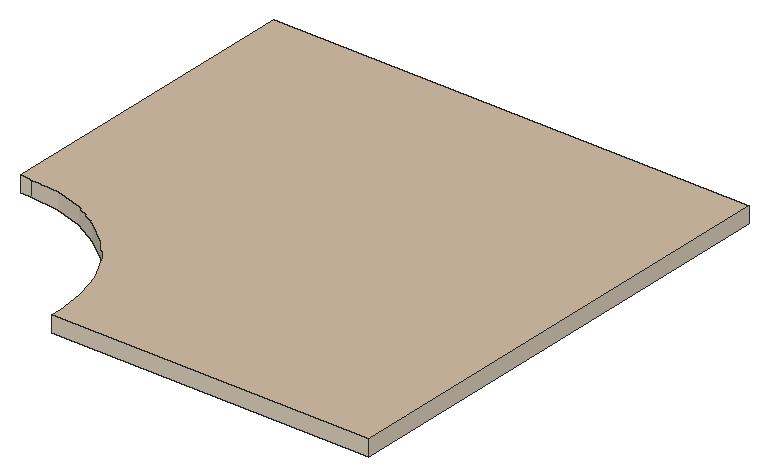
Revit family "M_Sistema de mobiliário-superfície de trabalho-côncava de canto", category Sistema de mobiliário, Revit 2019
Family settings
  Cota do conector redondo = Utilizar diâmetro
  Tipo de parte = Normal
  Número OmniClass = 23.40.70.14.64.21
  Título OmniClass = Systems Furniture
  Com base no plano de trabalho = Não
  Sempre na vertical = Sim
  Corte com vazios quando carregada = Não
  Compartilhado = Não
  Ponto de cálculo do ambiente = Não
Parameters (values of type "900 x 600mm")
  Material da superfície de trabalho [instance] = Laminado plástico – Carvalho branco
  Comentários de tipos = "Superfície de trabalho côncava de canto de 900 x 600 mm"
  Espessura = 30 mm
  Largura = 900 mm
  Model = ""
  Manufacturer = ""
  Keynote = ""
  Altura = 750 mm
  Material da aresta [instance] = Laminado plástico – Bege – Claro – Suave
  Description = ""
  Linear = 600 mm
Types (5, lengths in mm): name | Comentários de tipos | Largura | Linear
  1200 x 750mm | "Superfície de trabalho côncava de canto de 1200 x 750 mm" | 1200 | 750
  1200 x 600mm | "Superfície de trabalho côncava de canto de 1200 x 600 mm" | 1200 | 600
  1050 x 750mm | "Superfície de trabalho côncava de canto de 1050 x 750 mm" | 1050 | 750
  900 x 600mm | "Superfície de trabalho côncava de canto de 900 x 600 mm" | 900 | 600
  1050 x 600mm | "Superfície de trabalho côncava de canto de 1050 x 600 mm" | 1050 | 600
Reference planes
  plane 1 "Centro F/T": y = 0
  plane 2: z = 0
  plane 3 "Centro E/D": x = 0
  plane 4 "Direita": x = 900
  plane 5 "Superior": z = 750
  plane 6 "Inferior": z = 720
  plane 7 "Parte frontal": y = -900
  plane 8: x = 300
  plane 9: y = -600
Forms (mm)
  Extrusion 1, solid, material "Laminado plástico – Carvalho branco" <- "Material da superfície de trabalho"
    sketch origin (0, 0, 0) x (1, 0, 0) y (0, 1, 0)
      loop
        line (0, 0) -> (0, -600) -> (20.6, -600)
        arc (20.6, -600) -> (218.166, -681.834) -> (300, -879.4) r 279.4
        line (300, -879.4) -> (300, -900) -> (900, -900) -> (900, 0) -> (0, 0)
    from 720 to 750
Lines and regions (mm)
  Masking region 1
    outline origin (-1040.606, -826.901, 0) x (1, 0, 0) y (0, 1, 0)
      loop
        line (1040.606, 826.901) -> (1040.606, 226.901) -> (1061.206, 226.901)
        arc (1061.206, 226.901) -> (1258.772, 145.067) -> (1340.606, -52.499) r 279.4
        line (1340.606, -52.499) -> (1340.606, -73.099) -> (1940.606, -73.099) -> (1940.606, 826.901) -> (1040.606, 826.901)
Dimensions and locks
  "Largura": plane 3 "Centro E/D" to plane 4 "Direita"
  "Espessura": plane 5 "Superior" to plane 6 "Inferior"
  "Largura": plane 7 "Parte frontal" to plane 1 "Centro F/T"
  "Linear": plane 1 "Centro F/T" to plane 9
  "Linear": plane 8 to plane 4 "Direita"
  locked: Extrusion 1 sketch curve to plane 8 at 279.4
  locked: plane 9 to Extrusion 1 sketch curve at 279.4
  "Altura": plane 5 "Superior" to plane 2
  radius of Extrusion 1 sketch curve = 279.4 mm
  aligned and locked: plane 1 "Centro F/T" to Extrusion 1 sketch curve
  aligned and locked: plane 4 "Direita" to Extrusion 1 sketch curve
  aligned and locked: plane 3 "Centro E/D" to Extrusion 1 sketch curve
  aligned and locked: level to plane 2
  aligned and locked: plane 5 "Superior" to Extrusion 1
  aligned and locked: plane 6 "Inferior" to Extrusion 1
  aligned: plane 1 "Centro F/T" to Masking region 1 sketch curve  (x2)
  aligned and locked: plane 7 "Parte frontal" to Extrusion 1 sketch curve
  aligned: plane 4 "Direita" to Masking region 1 sketch curve
  aligned and locked: plane 1 "Centro F/T" to Masking region 1 sketch curve
  aligned and locked: plane 4 "Direita" to Masking region 1 sketch curve
  aligned and locked: plane 3 "Centro E/D" to Masking region 1 sketch curve
  aligned and locked: Masking region 1 sketch curve to plane 7 "Parte frontal"
  aligned and locked: plane 8 to Masking region 1 sketch curve
  aligned and locked: Masking region 1 sketch curve to Extrusion 1  (x2)
